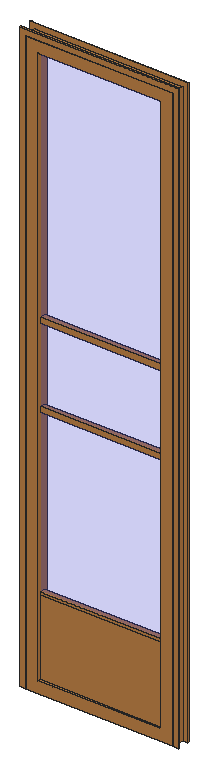
Revit family "WST_A3-Durowin-533x2134-NSADA", category Doors, host Wall, Revit 2016
Family settings
  Host = Wall
  Always vertical = Yes
  Cut with Voids When Loaded = No
  Shared = No
  Room Calculation Point = No
Parameters (values of type "NSADA")
  URL = "http://www.Durowin.com"
  Thickness = 0 mm
  Rough Width = Width + (2 * Frame Width)  # 577 mm
  Rough Height = Height + Frame Width  # 2156 mm
  Panel Width = 800 mm
  Model Type = "Sidelight"
  Model = "French Door And Sidelights"
  Material Glass = Glass
  Material Door Panel = Default Steel Door Panel
  Material Door Frame = Default Steel Door Frame
  Manufacturer Code Panel = "NSADA"
  Manufacturer Code Frame = "NSADA"
  Manufacturer = "Durowin"
  Height = 2134 mm
  Wall Closure = By host
  Width = 533 mm
  Function = Interior
  Frame Width = 22 mm
  Construction Type = "Steel"
  Assembly Code = "B2030120"
Reference planes
  plane 1 "Center Line": y = 0
  plane 2 "Left": x = -250.5
  plane 3 "Right": x = 326.5
  plane 4: z = 2156
  plane 5 "Exterior": y = 110
  plane 6 "Interior": y = -110
  plane 7: x = 416.5
  plane 8: x = -340.5
  plane 9: x = 274.5
  plane 10: x = 304.5
  plane 11: x = -228.5
  plane 12: z = 2134
  plane 13: z = 317.571
  plane 14 "Panel centre": y = -24.5
  plane 15 "panel interior": y = -35.5
  plane 16 "Panel Exterior": y = -13.5
  plane 17: x = -187.5
  plane 18: x = 263.5
  plane 19: z = 1214.786
  plane 20: z = 105
  plane 21: z = 1831.262
  plane 22: z = 1528.524
  plane 23: z = 923.048
  plane 24: z = 620.31
  plane 25: z = 1966
  plane 26: x = -228.5
  plane 27: x = 304.5
  plane 28: y = -910
  plane 29: z = 2093
Forms (mm)
  Sweep 1, solid, material "Default Steel Door Frame" <- "Material Door Frame", detail levels medium+fine
    path origin (0, 0, 0) x (1, 0, 0) y (0, 0, 1)
      loop
        line (326.5, 0) -> (326.5, 2156) -> (-250.5, 2156) -> (-250.5, 0)
    profile origin (0, 0, 1078) x (-1, 0, 0) y (0, -1, 0)
      loop
        line (-326.5, 0) -> (-291.5, 0) -> (-291.5, 3) -> (-304.5, 3) -> (-304.5, 45) -> (-326.5, 45) -> (-326.5, 42) -> (-307.5, 42) -> (-307.5, 3) -> (-326.5, 3) -> (-326.5, 0)
  Extrusion 2, solid, material "Default Steel Door Panel" <- "Material Door Panel", detail levels medium+fine
    sketch origin (0, 0, 0) x (1, 0, 0) y (0, 0, 1)
      loop
        line (-228.5, 0) -> (304.5, 0) -> (304.5, 2134) -> (-228.5, 2134) -> (-228.5, 0)
      loop
        line (-187.5, 41) -> (263.5, 41) -> (263.5, 2093) -> (-187.5, 2093) -> (-187.5, 41)
    from 3 to 45
  Extrusion 3, solid, material "Glass" <- "Material Glass", detail levels medium+fine
    sketch origin (0, -24.5, 0) x (1, 0, 0) y (0, 0, 1)
      loop
        line (263.5, 317.571) -> (263.5, 2093) -> (-187.5, 2093) -> (-187.5, 317.571) -> (263.5, 317.571)
    from 5 to -5
  Extrusion 4, solid, material "Default Steel Door Panel" <- "Material Door Panel", detail levels medium+fine
    sketch origin (0, -24.5, 0) x (1, 0, 0) y (0, 0, 1)
      loop
        line (263.5, 41) -> (263.5, 317.571) -> (-187.5, 317.571) -> (-187.5, 41) -> (263.5, 41)
    from 11 to -11
  Sweep 5, solid, material "Default Steel Door Panel" <- "Material Door Panel", detail levels medium+fine
    path origin (0, -24.5, -500.091) x (1, 0, 0) y (0, 0, 1)
      loop
        line (263.5, 1714.876) -> (-187.5, 1714.876)
    profile origin (38, 0, 0) x (0, 0, -1) y (0, -1, 0)
      loop
        line (-1204.786, 14.5) -> (-1204.786, 34.5) -> (-1224.786, 34.5) -> (-1224.786, 14.5) -> (-1204.786, 14.5)
  Sweep 6, solid, material "Default Steel Door Panel" <- "Material Door Panel", detail levels medium+fine
    path origin (2.111, -24.5, -808.605) x (1, 0, 0) y (0, 0, 1)
      loop
        line (263.5, 1731.652) -> (-189.611, 1731.652)
    profile origin (39.055, 0, 0) x (0, 0, -1) y (0, -1, 0)
      loop
        line (-913.048, 14.5) -> (-913.048, 34.5) -> (-933.048, 34.5) -> (-933.048, 14.5) -> (-913.048, 14.5)
  Sweep 7, solid, material "Default Steel Door Panel" <- "Material Door Panel", detail levels medium+fine
    path origin (0.036, -24.5, -1329.956) x (1, 0, 0) y (0, 0, 1)
      loop
        line (263.5, 1647.527) -> (-187.536, 1647.527)
    profile origin (38.018, 0, 0) x (0, 0, -1) y (0, -1, 0)
      loop
        line (-307.571, 14.5) -> (-307.571, 34.5) -> (-327.571, 34.5) -> (-327.571, 14.5) -> (-307.571, 14.5)
Cuts and joins
  joined: Sweep 5, Sweep 6, Sweep 7
Lines and regions (mm)
  Opening 1
    outline origin (-3050, -110, 0) x (1, 0, 0) y (0, 0, 1)
      loop
        line (2799.5, 0) -> (3376.5, 0) -> (3376.5, 2156) -> (2799.5, 2156) -> (2799.5, 0)
  symbolic lines, style "DoorsPanelProjection", detail levels coarse
    curve 1: line (-250.5, 0, 0) -> (326.5, 0, 0)
  symbolic lines, style "Overhead", detail levels medium+fine
    curve 2: line (-250.5, -110, 0) -> (326.5, -110, 0)
    curve 3: line (326.5, 110, 0) -> (-250.5, 110, 0)
Text (mm)
  text "Exterior" at (-2295.016, 1099.543, 0), in view "Ref. Level"
  text "Exterior" at (0, 1615.38, 3698.081), in view "Left"
  text "Exterior" at (0, 1036.032, 3874.932), in view "Right"
Dimensions and locks
  plane 2 "Left" to plane 3 "Right" = 577 mm
  "Width": plane 11 to plane 10
  "Height": plane 12 to host wall
  host wall to plane 19 to plane 4 = 1214.786 mm, 941.214 mm
  locked: host wall to plane 5 "Exterior" at 0
  locked: plane 6 "Interior" to host wall
  locked: plane 3 "Right" to plane 7 at 90
  plane 8 to plane 2 "Left" = 90 mm
  locked: plane 9 to plane 3 "Right" at 52
  "Frame Width": plane 2 "Left" to plane 11
  "Frame Width": plane 10 to plane 3 "Right"
  "Frame Width": plane 12 to plane 4
  locked: plane 14 "Panel centre" to plane 1 "Center Line" at 24.5
  plane 18 to plane 3 "Right" = 63 mm
  plane 2 "Left" to plane 17 = 63 mm  (x2)
  plane 25 to plane 4 = 190 mm
  "Panel Width": plane 28 to plane 6 "Interior"
  Sweep 1 to plane 17 = 41 mm
  plane 18 to plane 27 = 41 mm
  aligned and locked: plane 2 "Left" to Opening 1 sketch curve
  aligned and locked: plane 4 to Opening 1 sketch curve  (x2)
  aligned and locked: Opening 1 sketch curve to plane 3 "Right"
  aligned and locked: Opening 1 sketch curve to level
  aligned and locked: plane 1 "Center Line" to host wall
  aligned and locked: Extrusion 3 sketch curve to Extrusion 2  (x3)
  aligned and locked: plane 13 to Extrusion 3 sketch curve
  aligned and locked: Extrusion 4 sketch curve to Extrusion 2
  aligned and locked: Extrusion 2 to Sweep 6 sketch curve
  aligned and locked: Sweep 6 sketch curve to plane 23
  aligned and locked: Sweep 5 sketch curve to plane 19
  aligned and locked: Extrusion 2 to Sweep 5 sketch curve
  aligned and locked: Extrusion 2 sketch curve to plane 27
  aligned and locked: plane 11 to plane 26
  aligned and locked: plane 10 to plane 27
  aligned and locked: Sweep 1 sketch curve to host wall
  aligned and locked: Sweep 1 sketch curve to plane 4
  aligned and locked: Extrusion 2 sketch curve to plane 11
  aligned and locked: plane 17 to Extrusion 2 sketch curve
Automatic sketch dimensions
  plane 13 to Extrusion 4 sketch curve = 0 mm
  Extrusion 4 sketch curve to plane 18 = 0 mm
  plane 20 to Extrusion 4 sketch curve = 64 mm
  Sweep 5 sketch curve to plane 18 = 0 mm
  profile plane to Sweep 5 sketch curve = 10 mm  (x2)
  Sweep 5 sketch curve to profile plane = 10 mm  (x2)
  Sweep 6 sketch curve to plane 18 = 2.111 mm
  profile plane to Sweep 6 sketch curve = 10 mm  (x2)
  Sweep 6 sketch curve to profile plane = 10 mm  (x2)
  Sweep 1 sketch curve to plane 3 "Right" = 0 mm
  Sweep 1 sketch curve to level = 0 mm  (x2)
  Extrusion 2 sketch curve to plane 18 = 0 mm
  Extrusion 2 sketch curve to level = 0 mm
  Extrusion 2 sketch curve to plane 29 = 0 mm
  Extrusion 2 sketch curve to plane 12 = 0 mm
  level to Extrusion 2 sketch curve = 41 mm
  Sweep 7 sketch curve to plane 13 = 0 mm
  Sweep 7 sketch curve to plane 17 = 0 mm
  Sweep 7 sketch curve to plane 18 = 0.036 mm
  profile plane to Sweep 7 sketch curve = 10 mm  (x2)
  Sweep 7 sketch curve to profile plane = 10 mm  (x2)
  curve 3 to host wall = 0 mm
  curve 3 to plane 2 "Left" = 0 mm
  curve 2 to host wall = 0 mm
  curve 2 to plane 2 "Left" = 0 mm
  curve 1 to host wall = 0 mm
  curve 1 to plane 2 "Left" = 0 mm
  curve 3 to plane 3 "Right" = 0 mm
  curve 2 to plane 3 "Right" = 0 mm
  curve 1 to plane 3 "Right" = 0 mm
  Sweep 1 sketch curve to plane 1 "Center Line" = 0 mm
  Sweep 1 sketch curve to profile plane = 0 mm  (x2)
  plane 1 "Center Line" to Sweep 1 sketch curve = 3 mm  (x2)
  Sweep 1 sketch curve to profile plane = 19 mm
  Sweep 1 sketch curve to Sweep 1 sketch curve = 3 mm  (x2)
  Sweep 1 sketch curve to Sweep 1 sketch curve = 13 mm
  Sweep 1 sketch curve to Sweep 1 sketch curve = 39 mm
